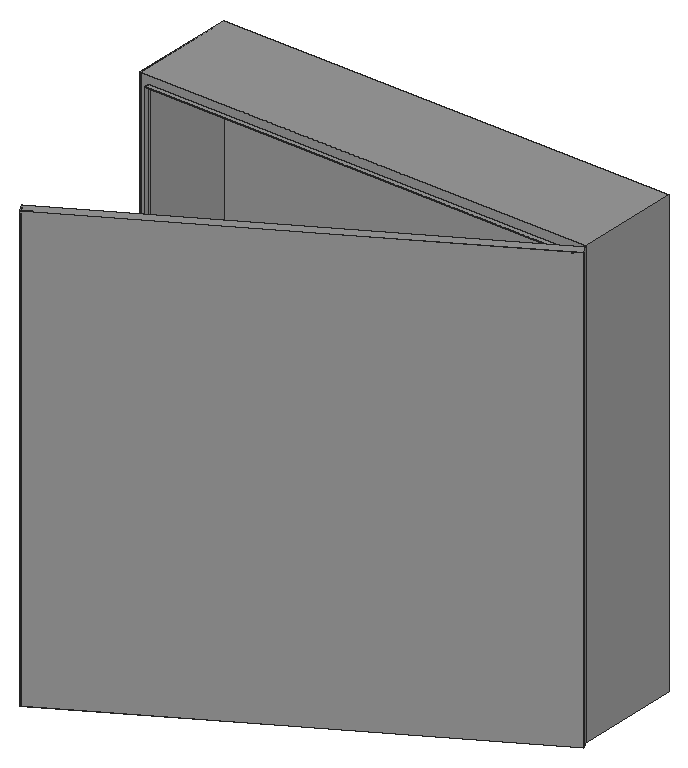
Revit family "Hager-Univers-IP54-D205-H800-Cl.II-Encl-NoHosted-DE-de", category Equipement électrique, Revit 2020
Family settings
  Configuration du panneau = Deux colonnes, circuits au sein
  Cote de connecteur circulaire = Utiliser le diamètre
  Type d'élément = Tableau de raccordement
  Basée sur le plan de construction = Oui
  Toujours verticalement = Oui
  Couper avec des vides une fois chargée = Non
  Partagée = Non
  Point de calcul de pièce = Non
Parameters (values of type "Aufputz IP54 B800 H800 T205  - FP53SW2")
  Width Control [instance] = if([EF000008 - Breite] > Min Width, [EF000008 - Breite], Min Width)  # 800 mm
  Commentaires du type = [HG000003 - Bereich]  # "Univers"
  Thickness Door [instance] = if([EF009171 - Materialstärke Tür/Deckel] > 3 mm, 3 mm, [EF009171 - Materialstärke Tür/Deckel])  # 1 mm
  Seal Frame Offset [instance] = 17 mm  # constant formula
  Plinth Visibility [instance] = [HG000027 - Sockelhöhe] > 0 mm  # no
  Min Width [instance] = 100 mm  # constant formula
  Min Depth [instance] = (2 * [EF009170 - Materialstärke Gehäuse]) + 1 mm  # 3 mm
  Min Height [instance] = 100 mm  # constant formula
  Internal Frame Depth [instance] = (Door System Depth * 0.5)  # 9 mm
  Panel Name [instance] = ""  # (empty or 0)
  Model = ""
  HG000027 - Sockelhöhe = 0 mm
  HG000026 - Stehend auf dem Boden = no
  HG000024 - Höhe des unteren Teils = 600 mm
  HG000023 - Gehäuse mit doppeltem Querschnitt = no
  HG000016 - 3D-Türsichtbarkeit [instance] = yes
  HG000015 - Sichtbarkeit der Türöffnung [instance] = no
  HG000014 - Tür rechts [instance] = yes
  HG000013 - Tür links [instance] = not([HG000014 - Tür rechts])  # no
  HG000012 - Türschwenkwinkel [instance] = 30.00°
  HG000010 - Asymmetrische Türen = no
  HG000009 - Doppelflügeligen Tür = no
  HG000006 - Unterputz = no
  HG000004 - Herstellerreferenz = "FP53SW2"
  HG000003 - Bereich = "Univers"
  HG000002 - Mit tür = yes
  Frame Offset Bottom [instance] = 10 mm  # constant formula
  Frame Offset [instance] = 15 mm  # constant formula
  EF015940 - Deckel mit Überdruckentlastung = no
  EF011959 - Schutzart (NEMA) = ""
  EF009554 - Anzahl der Öffnungen für Flanschplatten = 6
  EF009212 - Ausführung Deckel = "EV000116 - geschlossen"
  EF009171 - Materialstärke Tür/Deckel = 1 mm
  EF009170 - Materialstärke Gehäuse = 1 mm
  EF008873 - Nennstrom (In) = 250 A
  EF007800 - Geeignet für Blitzschutz = no
  EF006306 - Mit Schloss = no
  EF006244 - Transparenter Deckel/Tür = no
  EF005474 - Schutzart (IP) = "EV006419 - IP54"
  EF004464 - Art der Tür = "EV002646 - Einzel"
  EF004427 - Anzahl der Module = 180
  EF004293 - Schlagfestigkeit = "EV006815 - IK09"
  EF003532 - Geeignet für Außengebrauch = no
  EF002950 - Breite in Teilungseinheiten = 36
  EF001613 - Funktionserhalt = "EV000494 - ohne"
  EF001596 - Werkstoff des Gehäuses = "EV000179 - Stahl"
  EF001131 - Innentiefe = 130 mm
  EF001088 - Anbaumöglichkeit = yes
  EF000437 - Anzahl der Leitungseinführungen = 6
  EF000339 - Art der Abdeckung = "EV004216 - Tür"
  EF000266 - Anzahl der Reihen = 5
  EF000218 - Einbautiefe = 205 mm
  EF000118 - Mit Montageplatte = no
  EF000116 - RAL-Nummer = "9010"
  EF000049 - Tiefe = 205 mm
  EF000040 - Höhe = 800 mm
  EF000008 - Breite = 800 mm
  EF000007 - Farbe = "EV000202 - weiß"
  EF000003 - Montageart = "EV000384 - Aufputz"
  Door System Leaf Tolerance [instance] = 1.5 mm  # constant formula
  Door System Depth [instance] = 18 mm  # constant formula
  Door Height [instance] = Height Control - [HG000027 - Sockelhöhe]  # 800 mm
  Description = ""
  Default Elevation = 1219.2 mm
  Connector Offset [instance] = Height Control / 2  # 400 mm
  Fabricant = "Hager"  # constant formula
  Height Control [instance] = if([EF000040 - Höhe] > Min Height, [EF000040 - Höhe], Min Height)  # 800 mm
  Depth Control [instance] = if([EF000049 - Tiefe] > Min Depth, [EF000049 - Tiefe], Min Depth)  # 205 mm
  Bottom Top Plate Trim [instance] = 1.5 mm  # constant formula
  Plinth height Ctrl [instance] = if([HG000027 - Sockelhöhe] > 0 mm, [HG000027 - Sockelhöhe], 12 mm)  # 12 mm
Types (5, lengths in mm): name | Width Control | HG000010 - Asymmetrische Türen | HG000009 - Doppelflügeligen Tür | HG000004 - Herstellerreferenz | EF009554 - Anzahl der Öffnungen für Flanschplatten | EF004464 - Art der Tür | EF004427 - Anzahl der Module | EF002950 - Breite in Teilungseinheiten | EF000437 - Anzahl der Leitungseinführungen | EF000339 - Art der Abdeckung | EF000008 - Breite
  Aufputz IP54 B1050 H800 T205  - FP54SW2 | 1050 | no | yes | "FP54SW2" | 8 | "EV003602 - Doppel" | 240 | 48 | 8 | "EV004216 - Tür" | 1050
  Aufputz IP54 B1300 H800 T205  - FP55SW2 | 1300 | yes | yes | "FP55SW2" | 10 | "EV003602 - Doppel" | 300 | 60 | 10 | "EV004216 - Tür" | 1300
  Aufputz IP54 B300 H800 T205  - FP51SW2 | 300 | no | no | "FP51SW2" | 2 | "EV002646 - Einzel" | 60 | 12 | 2 | "EV001012 - Deckel" | 300
  Aufputz IP54 B550 H800 T205  - FP52SW2 | 550 | no | no | "FP52SW2" | 4 | "EV002646 - Einzel" | 120 | 24 | 4 | "EV001012 - Deckel" | 550
  Aufputz IP54 B800 H800 T205  - FP53SW2 | 800 | no | no | "FP53SW2" | 6 | "EV002646 - Einzel" | 180 | 36 | 6 | "EV004216 - Tür" | 800
Reference planes
  plane 1 "Center (Front/Back)": y = 0
  plane 2: z = 0
  plane 3 "Center (Left/Right)": x = 0
  plane 4: y = 0
  plane 5: y = 0
  plane 6: z = 0
  plane 7: x = -400
  plane 8: x = 400
  plane 9: x = 399
  plane 10: x = -399
  plane 11: z = 0
  plane 12: z = 1
  plane 13: y = -205
  plane 14: y = -1
  plane 15: x = 0
  plane 16: y = -187
  plane 17: y = -204
  plane 18: y = -186
  plane 19: x = -384
  plane 20: x = 384
  plane 21: z = 11
  plane 22: x = -383
  plane 23: x = 383
  plane 24: z = 0
  plane 25: z = 800
  plane 26: z = 800
  plane 27: z = 784
  plane 28: z = 799
Forms (mm)
  Extrusion 1, solid, material "Hager_Steel_RAL7035_Light_Grey", detail levels medium+fine
    sketch origin (-208.679, -4572, 0) x (-1, 0, 0) y (0, -1, 0)
      loop
        line (191.321, -4385) -> (-608.679, -4385) -> (-608.679, -4572) -> (191.321, -4572) -> (191.321, -4385)
    from 0 to 800
  Extrusion 2, void
    sketch origin (-350.771, -205, 1219.2) x (1, 0, 0) y (0, 0, 1)
      loop
        line (-48.229, -420.2) -> (-48.229, -1218.2) -> (749.771, -1218.2) -> (749.771, -420.2) -> (-48.229, -420.2)
    from -19 to -204
  Extrusion 3, void
    sketch origin (-290.084, -187, 1219.2) x (1, 0, 0) y (0, 0, 1)
      loop
        line (-93.916, -1208.2) -> (674.084, -1208.2) -> (674.084, -435.2) -> (-93.916, -435.2) -> (-93.916, -1208.2)
    from 0 to -1
  Extrusion 4, solid, material "Hager_Steel_RAL7035_Light_Grey", visible <- "Plinth Visibility", detail levels medium+fine
    sketch origin (0, 0, 0) x (1, 0, 0) y (0, 1, 0)
      loop
        line (-400, 0) -> (-400, -187) -> (400, -187) -> (400, 0) -> (-400, 0)
    from 0 to 12 <- "Plinth height Ctrl"
  Extrusion 5, solid, material "Hager_Steel_RAL7035_Light_Grey", detail levels coarse
    sketch origin (0, 0, 0) x (1, 0, 0) y (0, 1, 0)
      loop
        line (-400, 0) -> (-400, -205) -> (400, -205) -> (400, 0) -> (-400, 0)
    from 0 to 800 <- "Height Control"
  Sweep 6, void
    path in 3D
      loop
        line (-400, -187, 12) -> (400, -187, 12) -> (400, 0, 12) -> (-400, 0, 12) -> (-400, -187, 12)
    profile origin (-400, -93.5, 12) x (1, 0, 0) y (0, 0, 1)
      loop
        line (0, 0) -> (0, -1.5) -> (1.5, -1.5)
        arc (1.5, -1.5) -> (1.061, -0.439) -> (0, 0) r 1.5
  Extrusion 7, solid, material "Hager_Steel_RAL7035_Light_Grey", detail levels fine
    sketch origin (-400, -187, 0) x (1, 0, 0) y (0, 0, 1)
      loop
        line (16, 11) -> (784, 11) -> (784, 784) -> (16, 784) -> (16, 11)
      loop
        line (15, 10) -> (785, 10) -> (785, 785) -> (15, 785) -> (15, 10)
    from 0 to 9 <- "Internal Frame Depth"
Cuts and joins
  Extrusion 2, Extrusion 3 cuts Extrusion 1
  Sweep 6 cuts Extrusion 4
Lines and regions (mm)
  Masking region 1
    outline origin (0, 0, 0) x (1, 0, 0) y (0, 1, 0)
      loop
        line (-400, 0) -> (-400, -205) -> (400, -205) -> (400, 0) -> (-400, 0)
  Masking region 2, detail levels coarse
    outline origin (-290.084, -187, 1219.2) x (-1, 0, 0) y (0, 0, 1)
      loop
        line (-690.084, -1219.2) -> (109.916, -1219.2) -> (109.916, -419.2) -> (-690.084, -419.2) -> (-690.084, -1219.2)
  Masking region 3, detail levels coarse
    outline origin (0, 0, 0) x (0, 1, 0) y (0, 0, 1)
      loop
        line (0, 0) -> (0, 800) -> (-205, 800) -> (-205, 0) -> (0, 0)
  Masking region 4, visible <- "Plinth Visibility", detail levels medium+fine
    outline origin (0, 0, 0) x (0, 1, 0) y (0, 0, 1)
      loop
        line (-1.5, 12) -> (-185.5, 12)
        arc (-185.5, 12) -> (-185.939, 10.939) -> (-187, 10.5) r 1.5
        line (-187, 10.5) -> (-187, 0) -> (0, 0) -> (0, 10.5)
        arc (0, 10.5) -> (-1.061, 10.939) -> (-1.5, 12) r 1.5
  Masking region 5, detail levels medium+fine
    outline origin (0, 0, 594.038) x (0, 1, 0) y (0, 0, 1)
      loop
        line (0, -594.038) -> (0, 205.962) -> (-187, 205.962) -> (-187, -594.038) -> (0, -594.038)
  Masking region 6, detail levels medium+fine
    outline origin (-359.7, -187, 1211.883) x (-1, 0, 0) y (0, 0, 1)
      loop
        line (-759.7, -1211.883) -> (40.3, -1211.883) -> (40.3, -411.883) -> (-759.7, -411.883) -> (-759.7, -1211.883)
  Masking region 7, visible <- "Plinth Visibility", detail levels medium+fine
    outline origin (-320.334, -187, 1041.368) x (-1, 0, 0) y (0, 0, 1)
      loop
        line (-720.334, -1041.368) -> (79.666, -1041.368) -> (79.666, -1030.868)
        arc (79.666, -1030.868) -> (78.606, -1030.429) -> (78.166, -1029.368) r 1.5
        line (78.166, -1029.368) -> (-718.834, -1029.368)
        arc (-718.834, -1029.368) -> (-719.273, -1030.429) -> (-720.334, -1030.868) r 1.5
        line (-720.334, -1030.868) -> (-720.334, -1041.368)
  sketch lines
    curve 1: line (-400, 0, 12) -> (-400, -187, 12)
    curve 2: line (-400, -187, 12) -> (400, -187, 12)
    curve 3: line (400, 0, 12) -> (-400, 0, 12)
    curve 4: line (400, -187, 12) -> (400, 0, 12)
Dimensions and locks
  locked: plane 1 "Center (Front/Back)" to plane 5
  "EF009170 - Materialstärke Gehäuse": plane 7 to plane 10
  "EF009170 - Materialstärke Gehäuse": plane 8 to plane 9
  equal spacing: plane 7, plane 3 "Center (Left/Right)", plane 8
  "Width Control": plane 7 to plane 8
  "Depth Control": plane 4 to plane 13
  "EF009170 - Materialstärke Gehäuse": plane 4 to plane 14
  "Height Control": plane 25 to level
  "HG000027 - Sockelhöhe": plane 11 to level
  "EF009170 - Materialstärke Gehäuse": plane 12 to plane 11
  "EF009170 - Materialstärke Gehäuse": plane 17 to plane 13
  "EF009170 - Materialstärke Gehäuse": plane 18 to plane 16
  "Frame Offset Bottom": plane 21 to plane 12
  "Frame Offset": plane 10 to plane 19
  "Frame Offset": plane 9 to plane 20
  "Door System Depth": plane 16 to plane 13
  "Seal Frame Offset": plane 7 to plane 22
  "Seal Frame Offset": plane 8 to plane 23
  "EF009170 - Materialstärke Gehäuse": plane 26 to plane 28
  "Frame Offset": plane 28 to plane 27
  "Connector Offset": plane 2 to connector elem
  "Bottom Top Plate Trim": profile plane to Sweep 6 sketch curve
  "Bottom Top Plate Trim": Sweep 6 sketch curve to Sweep 6 sketch curve
  "Plinth height Ctrl": Masking region 4 sketch curve to level
  "Plinth height Ctrl": Masking region 7 sketch curve to level
  "Thickness Door": Extrusion 7 sketch curve to Extrusion 7 sketch curve  (x4)
  "Bottom Top Plate Trim": radius of Sweep 6 sketch curve
  "Bottom Top Plate Trim": radius of Masking region 4 sketch curve  (x2)
  "Bottom Top Plate Trim": radius of Masking region 7 sketch curve  (x2)
  aligned and locked: Extrusion 2 sketch curve to plane 12
  aligned and locked: Extrusion 2 sketch curve to plane 9
  aligned and locked: Extrusion 2 sketch curve to plane 10
  aligned and locked: Extrusion 2 to plane 14
  aligned and locked: Extrusion 1 sketch curve to plane 4
  aligned and locked: plane 8 to Extrusion 1 sketch curve
  aligned and locked: plane 7 to Extrusion 1 sketch curve
  aligned and locked: Extrusion 2 to plane 18
  aligned and locked: Extrusion 3 sketch curve to plane 19
  aligned and locked: plane 20 to Extrusion 3 sketch curve
  aligned and locked: Extrusion 3 to Extrusion 2
  aligned and locked: Extrusion 3 sketch curve to plane 21
  aligned and locked: plane 3 "Center (Left/Right)" to nested 1
  aligned and locked: Extrusion 1 sketch curve to plane 16
  aligned and locked: Extrusion 4 sketch curve to cut or joined group of Extrusion 1, Extrusion 2, Extrusion 3
  aligned and locked: Masking region 1 sketch curve to plane 7
  aligned and locked: Masking region 1 sketch curve to plane 5
  aligned and locked: Masking region 1 sketch curve to plane 8
  aligned and locked: Masking region 2 sketch curve to level
  aligned and locked: level to Masking region 3 sketch curve
  aligned and locked: plane 1 "Center (Front/Back)" to Masking region 3 sketch curve
  aligned and locked: plane 13 to Masking region 3 sketch curve
  aligned and locked: plane 5 to Masking region 4 sketch curve
  aligned and locked: Masking region 2 sketch curve to plane 8
  aligned and locked: Masking region 2 sketch curve to plane 7
  aligned and locked: plane 7 to nested 2
  aligned and locked: nested 2 to plane 5
  aligned and locked: plane 5 to Masking region 5 sketch curve
  aligned and locked: plane 26 to Masking region 5 sketch curve
  aligned and locked: Extrusion 5 sketch curve to plane 8
  aligned and locked: Extrusion 5 sketch curve to plane 7
  aligned and locked: Extrusion 5 sketch curve to plane 5
  aligned and locked: Extrusion 3 sketch curve to plane 27
  aligned and locked: Extrusion 2 sketch curve to plane 28
  aligned and locked: Masking region 2 to plane 25
  aligned and locked: Extrusion 4 to plane 16
  aligned and locked: profile plane to Sweep 6 sketch curve
  aligned and locked: Masking region 5 sketch curve to plane 24
  aligned and locked: level to Masking region 4 sketch curve
  aligned and locked: Masking region 1 to plane 13
  aligned and locked: nested 1 to plane 16
  aligned and locked: Masking region 3 to plane 25
  aligned and locked: plane 16 to Masking region 4 sketch curve
  aligned and locked: Masking region 5 sketch curve to plane 16
  aligned and locked: plane 24 to plane 11
  aligned and locked: plane 26 to plane 25
  aligned and locked: plane 26 to cut or joined group of Extrusion 1, Extrusion 2, Extrusion 3
  aligned and locked: nested 1 to plane 24
  aligned and locked: Extrusion 1 to Extrusion 3
  aligned and locked: Masking region 6 sketch curve to plane 8
  aligned and locked: Masking region 6 sketch curve to plane 24
  aligned and locked: Masking region 6 sketch curve to plane 7
  aligned and locked: Masking region 6 sketch curve to plane 26
  aligned and locked: Masking region 7 sketch curve to plane 7
  aligned and locked: level to Masking region 7 sketch curve
  aligned and locked: Masking region 7 sketch curve to plane 8
  aligned and locked: Extrusion 7 sketch curve to cut or joined group of Extrusion 1, Extrusion 2, Extrusion 3  (x4)
Automatic sketch dimensions
  plane 19 to Extrusion 3 sketch curve = 0 mm
  Extrusion 3 sketch curve to plane 20 = 0 mm
  Extrusion 3 sketch curve to plane 21 = 0 mm
  Extrusion 4 sketch curve to plane 7 = 0 mm
  Extrusion 4 sketch curve to plane 8 = 0 mm
  Extrusion 4 sketch curve to plane 16 = 0 mm
  Masking region 1 sketch curve to plane 13 = 0 mm
  Masking region 2 sketch curve to plane 25 = 0 mm
  Masking region 3 sketch curve to plane 25 = 0 mm
  Extrusion 5 sketch curve to plane 13 = 0 mm
  profile plane to Sweep 6 sketch curve = 0 mm
Nested families
  nested 1: "EC000058_Univers_Door" at (0, -187, 0), Double <- "HG000009 - Doppelflügeligen Tür", Transparent <- "EF006244 - Transparenter Deckel/Tür", Angle <- "HG000012 - Türschwenkwinkel", Door_Right <- "HG000014 - Tür rechts", Assymetrical <- "HG000010 - Asymmetrische Türen", Door <- "HG000002 - Mit tür", Width_Ctrl <- "Width Control", 3d_Door <- "HG000016 - 3D-Türsichtbarkeit", Clearance <- "HG000015 - Sichtbarkeit der Türöffnung", Door_Left <- "HG000013 - Tür links", Width <- "Width Control", Door_Depth <- "Door System Depth", Leaf_Tolerance <- "Door System Leaf Tolerance", Height <- "Door Height", Lock_Visibility <- "EF006306 - Mit Schloss", Thickness <- "Thickness Door", type "EC000058_Univers_Door", detail levels medium+fine
    with min_wh 3 mm, Width_Ctrl 800 mm, Width 800 mm, Transparent no, Thickness 1 mm, Seal_Material Hager_Rubber, Lock_Visibility no, Lock_Material Hager_Plastic_RAL9005_Jet_Black, Leaf_Width 800 mm, Leaf_Tolerance_External_Sides 0 mm, Leaf_Tolerance 1.5 mm, Leaf_Offset 0 mm, Leaf_Height 797 mm, Leaf_2_Width 800 mm, Leaf_2_Offset 400 mm, Leaf_1_Width 800 mm, Leaf_1_Offset 400 mm, Height_Ctrl 800 mm, Height 800 mm, Glass_Material Hager_Glass, Double_Clearance_Ctrl no, Double no, Door_Right_Ctrl yes, Door_Right yes, Door_Material Hager_Steel_RAL7035_Light_Grey, Door_Left_Ctrl no, Door_Left no, Door_Depth 18 mm, Door yes, Clearance_Material Hager_Clearance, Clearance_Depth 800 mm, Clearance_Ctrl no, Clearance no, Assymetrical no, Angle 30.00°, 3d_Door yes
  nested 2: "Hager_Enclosure_Symbol" at (-400, 0, 0), Height <- "Depth Control", Width <- "Width Control", type "Hager_Enclosure_Symbol"
    with Width_Ctrl 800 mm, Width 800 mm, Height_Ctrl 205 mm, Height 205 mm, A_Width_Int 13.453 mm, A_Width 161.438 mm, A_Height_Ctrl 179.375 mm, A_Height 179.375 mm
Connectors
  electrical at (0, 0, 400)
    settings: on plane 1 "Center (Front/Back)", index 1, voltage 0 V, apparent load 0 VA, apparent load phase1 0 VA, apparent load phase2 0 VA, apparent load phase3 0 VA, power factor 1, load classification "Other", number of poles 1, system type 30, power factor state 1, is connector primary yes, connector utility no, sub classification motor no, connector description ""
Definition of nested family "EC000058_Univers_Door"
  Parameters (values of type "EC000058_Univers_Door")
    min_wh [instance] = (2 * Thickness) + 1 mm  # 11 mm
    Width_Ctrl [instance] = 400 mm
    Width [instance] = 500 mm
    Transparent [instance] = yes
    Thickness [instance] = 5 mm
    Seal_Material [instance] = none
    Lock_Visibility [instance] = yes
    Lock_Material [instance] = none
    Leaf_Width [instance] = if((Width_Ctrl - 2 * Leaf_Tolerance_External_Sides) > 0 mm, (Width_Ctrl - 2 * Leaf_Tolerance_External_Sides), min_wh)  # 400 mm
    Leaf_Tolerance_External_Sides [instance] = 0 mm  # constant formula
    Leaf_Tolerance [instance] = 1.5 mm
    Leaf_Offset [instance] = 0 mm  # constant formula
    Leaf_Height [instance] = if((Height_Ctrl - 2 * Leaf_Tolerance) > 0 mm, (Height_Ctrl - 2 * Leaf_Tolerance), min_wh)  # 497 mm
    Leaf_2_Width [instance] = if(and(and(Double, Assymetrical), Door_Left), (Leaf_Width / 3) - (Leaf_Tolerance / 2), if(and(and(Double, Assymetrical), Door_Right), (Leaf_Width / 3) * 2 - (Leaf_Tolerance / 2), if(and(Double, not(Assymetrical)), (Leaf_Width / 2) - Leaf_Tolerance, Leaf_Width)))  # 400 mm
    Leaf_2_Offset [instance] = if(and(Double, Assymetrical), Leaf_2_Width / 2, if(and(Double, not(Assymetrical)), Leaf_Width / 4, Leaf_Width / 2))  # 200 mm
    Leaf_1_Width [instance] = if(and(and(Double, Assymetrical), Door_Right), (Leaf_Width / 3) - (Leaf_Tolerance / 2), if(and(and(Double, Assymetrical), Door_Left), (Width / 3) * 2 - (Leaf_Tolerance / 2), if(and(Double, not(Assymetrical)), (Leaf_Width / 2) - Leaf_Tolerance, Leaf_Width)))  # 400 mm
    Leaf_1_Offset [instance] = if(and(Double, Assymetrical), Leaf_1_Width / 2, if(and(Double, not(Assymetrical)), Leaf_Width / 4, Leaf_Width / 2))  # 200 mm
    Height_Ctrl [instance] = if(Height > min_wh, Height, min_wh)  # 500 mm
    Height [instance] = 500 mm
    Glass_Material [instance] = none
    Double_Clearance_Ctrl [instance] = and(Double, Clearance)  # no
    Double [instance] = no
    Door_Right_Ctrl [instance] = and(or(Door_Right, Double), Door)  # yes
    Door_Right [instance] = yes
    Door_Material [instance] = none
    Door_Left_Ctrl [instance] = and(or(Door_Left, Double), Door)  # no
    Door_Left [instance] = no
    Door_Depth [instance] = 30 mm
    Door [instance] = yes
    Default Elevation = 1219.2 mm
    Clearance_Material [instance] = none
    Clearance_Depth [instance] = if(Leaf_1_Width > Leaf_2_Width, Leaf_1_Width, Leaf_2_Width)  # 400 mm
    Clearance_Ctrl [instance] = and(not(Double), Clearance)  # yes
    Clearance [instance] = yes
    Assymetrical [instance] = yes
    Angle [instance] = 30.00°
    3d_Door [instance] = yes
  Reference planes
    plane 1 "Center (Front/Back)": y = 0
    plane 2 "Bottom": z = 0
    plane 3 "Center (Left/Right)": x = 0
    plane 4: z = 500
    plane 5: x = -200
    plane 6: x = 200
    plane 7: z = 500
    plane 8: x = -200
    plane 9: z = 0
    plane 10: x = 200
    plane 11: y = 0
    plane 12: z = 1.5
    plane 13: x = -600
    plane 14: y = -400
    plane 15: x = 600
    plane 16: x = 0
    plane 17: x = 0
    plane 18: x = -200
    plane 19: x = 200
    plane 20: z = 498.5
  Forms (mm)
    Extrusion 1, solid, material <- "Clearance_Material", visible <- "Double_Clearance_Ctrl"
      sketch origin (1200, 0, 0) x (1, 0, 0) y (0, 0, -1)
        loop
          line (-1800, -498.5) -> (-600, -498.5) -> (-600, 0) -> (-1800, 0) -> (-1800, -498.5)
      from 0 to -400
  Dimensions and locks
    equal spacing: plane 5, plane 3 "Center (Left/Right)", plane 6
    "Width_Ctrl": plane 5 to plane 6
    "Leaf_Offset": plane 5 to plane 8
    "Leaf_Offset": plane 6 to plane 10
    "Leaf_Offset": plane 9 to level
    "Leaf_Offset": plane 4 to plane 7
    "Height_Ctrl": plane 4 to level
    "Leaf_Tolerance": plane 12 to plane 9
    locked: plane 11 to plane 1 "Center (Front/Back)"
    "Leaf_1_Offset": plane 18 to plane 16
    "Leaf_2_Offset": plane 17 to plane 19
    "Leaf_1_Width": plane 13 to plane 8
    "Leaf_2_Width": plane 10 to plane 15
    "Clearance_Depth": plane 14 to plane 1 "Center (Front/Back)"
    "Leaf_Tolerance_External_Sides": plane 8 to plane 18
    "Leaf_Tolerance_External_Sides": plane 19 to plane 10
    "Leaf_Tolerance": plane 7 to plane 20
    aligned and locked: level to plane 2 "Bottom"
    aligned and locked: nested 1 to plane 16
    aligned and locked: nested 2 to plane 17
    aligned and locked: Extrusion 1 to plane 13
    aligned and locked: plane 15 to Extrusion 1
    aligned and locked: Extrusion 1 to plane 14
    aligned and locked: plane 12 to nested 1
    aligned and locked: nested 2 to plane 12
    aligned and locked: Extrusion 1 to plane 11
    aligned and locked: plane 20 to Extrusion 1
    aligned and locked: nested 2 to plane 11
    aligned and locked: nested 1 to plane 11
  Automatic sketch dimensions
    Extrusion 1 sketch curve to level = 0 mm
    plane 5 to Extrusion 1 sketch curve = 400 mm
    plane 6 to Extrusion 1 sketch curve = 400 mm
    Extrusion 1 sketch curve to plane 4 = 1.5 mm
  Nested families
    nested 1: "EC000058_Univers_Door_Leaf" at (0, 0, 1.5), Width <- "Leaf_1_Width", visible <- "Door_Left_Ctrl", Leaf_Height <- "Leaf_Height", Angle <- "Angle", 3d_Door <- "3d_Door", Transparent <- "Transparent", Clearance Material <- "Clearance_Material", Clearance <- "Clearance_Ctrl", Door_Material <- "Door_Material", Glass_Material <- "Glass_Material", Door_Depth <- "Door_Depth", Lock_Material <- "Lock_Material", Seal_Material <- "Seal_Material", Lock_Visibility <- "Lock_Visibility", Thickness <- "Thickness", type "EC000058_Univers_Door_Leaf"
      with Width 400 mm, Transparent_Glass_Offset 30 mm, Transparent_Ctrl yes, Transparent yes, Thickness 5 mm, Standard no, Seal_Material none, Seal_D2 8 mm, Seal_D1 1 mm, Offset_Internal_Frame 10 mm, Lock_Width 20 mm, Lock_Visibility_3d yes, Lock_Visibility yes, Lock_Thickness_3 3 mm, Lock_Thickness_2 1 mm, Lock_Thickness_1 3 mm, Lock_Radius_Offset_2 16 mm, Lock_Radius_Offset_1 15 mm, Lock_Radius_2 5 mm, Lock_Radius 6 mm, Lock_Offset 5 mm, Lock_Material none, Lock_Height 80 mm, Lock_Cover_Top_Offset_2d 17 mm, Lock_Cover_Height -65 mm, Leaf_Height 497 mm, Internal_Seal_Thickness 8 mm, Internal_Seal_Depth_2 4.5 mm, Internal_Frame_Depth 25 mm, Glass_Thickness -1 mm, Glass_Offset -2 mm, Glass_Material none, Door_Material none, Door_Depth 30 mm, Clearance Material none, Clearance yes, Angle_Ctrl 30.00°, Angle 30.00°, 3d_Door yes
    nested 2: "EC000058_Univers_Door_Leaf" at (0, 0, 1.5) x (-1, 0, 0) z (0, 0, 1), Width <- "Leaf_2_Width", visible <- "Door_Right_Ctrl", Leaf_Height <- "Leaf_Height", Angle <- "Angle", 3d_Door <- "3d_Door", Transparent <- "Transparent", Clearance Material <- "Clearance_Material", Clearance <- "Clearance_Ctrl", Door_Material <- "Door_Material", Glass_Material <- "Glass_Material", Door_Depth <- "Door_Depth", Lock_Material <- "Lock_Material", Seal_Material <- "Seal_Material", Lock_Visibility <- "Lock_Visibility", Thickness <- "Thickness", type "EC000058_Univers_Door_Leaf"
      with Width 400 mm, Transparent_Glass_Offset 30 mm, Transparent_Ctrl yes, Transparent yes, Thickness 5 mm, Standard no, Seal_Material none, Seal_D2 8 mm, Seal_D1 1 mm, Offset_Internal_Frame 10 mm, Lock_Width 20 mm, Lock_Visibility_3d yes, Lock_Visibility yes, Lock_Thickness_3 3 mm, Lock_Thickness_2 1 mm, Lock_Thickness_1 3 mm, Lock_Radius_Offset_2 16 mm, Lock_Radius_Offset_1 15 mm, Lock_Radius_2 5 mm, Lock_Radius 6 mm, Lock_Offset 5 mm, Lock_Material none, Lock_Height 80 mm, Lock_Cover_Top_Offset_2d 17 mm, Lock_Cover_Height -65 mm, Leaf_Height 497 mm, Internal_Seal_Thickness 8 mm, Internal_Seal_Depth_2 4.5 mm, Internal_Frame_Depth 25 mm, Glass_Thickness -1 mm, Glass_Offset -2 mm, Glass_Material none, Door_Material none, Door_Depth 30 mm, Clearance Material none, Clearance yes, Angle_Ctrl 30.00°, Angle 30.00°, 3d_Door yes
  Definition of nested family "EC000058_Univers_Door_Leaf"
    Parameters (values of type "EC000058_Univers_Door_Leaf")
      Width [instance] = 2000 mm
      Transparent_Glass_Offset [instance] = 30 mm
      Transparent_Ctrl [instance] = and(Transparent, [3d_Door])  # yes
      Transparent [instance] = yes
      Thickness [instance] = 5 mm
      Standard [instance] = and(not(Transparent), [3d_Door])  # no
      Seal_Material [instance] = none
      Seal_D2 [instance] = 8 mm  # constant formula
      Seal_D1 [instance] = 1 mm  # constant formula
      Offset_Internal_Frame [instance] = 10 mm  # constant formula
      Lock_Width [instance] = 20 mm  # constant formula
      Lock_Visibility_3d [instance] = and(Lock_Visibility, [3d_Door])  # yes
      Lock_Visibility [instance] = yes
      Lock_Thickness_3 [instance] = 3 mm  # constant formula
      Lock_Thickness_2 [instance] = 1 mm  # constant formula
      Lock_Thickness_1 [instance] = 3 mm  # constant formula
      Lock_Radius_Offset_2 [instance] = Lock_Radius_Offset_1 + 1 mm  # 16 mm
      Lock_Radius_Offset_1 [instance] = 15 mm  # constant formula
      Lock_Radius_2 [instance] = Lock_Radius - 1 mm  # 5 mm
      Lock_Radius [instance] = 6 mm  # constant formula
      Lock_Offset [instance] = 5 mm  # constant formula
      Lock_Material [instance] = none
      Lock_Height [instance] = 80 mm  # constant formula
      Lock_Cover_Top_Offset_2d [instance] = Lock_Radius_Offset_2 + 1 mm  # 17 mm
      Lock_Cover_Height [instance] = -(Lock_Height - Lock_Radius_Offset_1)  # -65 mm
      Leaf_Height [instance] = 2720.336 mm
      Internal_Seal_Thickness [instance] = 8 mm  # constant formula
      Internal_Seal_Depth_2 [instance] = 4.5 mm  # constant formula
      Internal_Frame_Depth [instance] = if(Door_Depth - Thickness > 5 mm, Door_Depth - Thickness, 5 mm)  # 25 mm
      Glass_Thickness [instance] = if(Thickness > 15 mm, Glass_Offset + 10 mm, -1 mm)  # -1 mm
      Glass_Offset [instance] = if(Thickness > 15 mm, -(Thickness + 10 mm) / 2, -2 mm)  # -2 mm
      Glass_Material [instance] = none
      Door_Material [instance] = none
      Door_Depth [instance] = 30 mm
      Default Elevation = 0 mm
      Clearance Material [instance] = none
      Clearance [instance] = yes
      Angle_Ctrl [instance] = if(Angle > 180.00°, 180.00°, Angle)  # 90.00°
      Angle [instance] = 90.00°
      3d_Door [instance] = yes
    Reference planes
      plane 1 "Center (Front/Back)": y = 0
      plane 2: z = 0
      plane 3 "Center (Left/Right)": x = 0
      plane 4: y = 2000
      plane 5: x = -1000
      plane 6: x = 1000
      plane 7: x = -3000
      plane 8: z = 2720.336
      plane 9: z = 30
      plane 10: z = 2690.336
      plane 11: x = 970
      plane 12: x = -970
      plane 13: y = -3
      plane 14: z = 107.833
      plane 15: y = -5
      plane 16: y = -223.314
      plane 17: x = -1000
      plane 18: z = 1360.168
      plane 19: y = 30
    Forms (mm)
      Extrusion 1, solid, material <- "Clearance Material", visible <- "Clearance"
        sketch origin (0, 0, 0) x (1, 0, 0) y (0, 0, 1)
          loop
            line (-3000, 2720.336) -> (-3000, 0) -> (1000, 0) -> (1000, 2720.336) -> (-3000, 2720.336)
        from 0 to -2000
      Extrusion 2, solid, material <- "Door_Material", visible <- "Standard", detail levels medium+fine
        sketch origin (-1000, 0, 0) x (0, 1, 0) y (-1, 0, 0)
          loop
            line (0, 30) -> (0, 25) -> (2000, 25) -> (2000, 30) -> (0, 30)
        from 0 to 2720.336 <- "Leaf_Height"
      Extrusion 3, solid, material <- "Door_Material", visible <- "Transparent_Ctrl", detail levels medium+fine
        sketch origin (-1000, 0, 0) x (0, 1, 0) y (-1, 0, 0)
          loop
            line (0, 25) -> (2000, 25) -> (2000, 30) -> (0, 30) -> (0, 25)
        from 0 to 2720.336 <- "Leaf_Height"
      Extrusion 4, void
        sketch origin (-1025, 2000, 0) x (0, 1, 0) y (0, 0, -1)
          loop
            line (-30, -2690.336) -> (-30, -30) -> (-1970, -30) -> (-1970, -2690.336) -> (-30, -2690.336)
        from 0 to 5 <- "Thickness"
      Sweep 5, solid, material <- "Seal_Material", visible <- "Transparent_Ctrl", detail levels fine
        path in 3D
          loop
            line (-1025, 30, 30) -> (-1025, 30, 2690.336) -> (-1025, 1970, 2690.336) -> (-1025, 1970, 30) -> (-1025, 30, 30)
        profile origin (-1025, 1000, 30) x (1, 0, 0) y (0, 0, 1)
          loop
            line (0, 0) -> (0, -8) -> (1, -8) -> (1, 0) -> (0, 0)
      Extrusion 6, solid, material <- "Glass_Material", visible <- "Transparent_Ctrl", detail levels medium+fine
        sketch origin (-1030, 0, 0) x (0, 1, 0) y (0, 0, -1)
          loop
            line (1970, -2690.336) -> (1970, -30) -> (30, -30) -> (30, -2690.336) -> (1970, -2690.336)
        from -2 <- "Glass_Offset" to -1 <- "Glass_Thickness"
      Extrusion 7, solid, material <- "Door_Material", visible <- "3d_Door", detail levels medium+fine
        sketch origin (-1025, 2000, 0) x (0, -1, 0) y (0, 0, -1)
          loop
            line (0, -2720.336) -> (2000, -2720.336) -> (2000, 0) -> (0, 0) -> (0, -2720.336)
          loop
            line (1995, -5) -> (5, -5) -> (5, -2715.336) -> (1995, -2715.336) -> (1995, -5)
        from 0 to 25 <- "Internal_Frame_Depth"
      Sweep 8, solid, material <- "Seal_Material", visible <- "Transparent_Ctrl", detail levels fine
        path in 3D
          loop
            line (-1025, 0, 0) -> (-1025, 2000, 0) -> (-1025, 2000, 2720.336) -> (-1025, 0, 2720.336) -> (-1025, 0, 0)
        profile origin (-1025, 0, 1360.168) x (1, 0, 0) y (0, 1, 0)
          loop
            line (0, 10) -> (2.975, 10)
            arc (2.975, 10) -> (4.053, 10.447) -> (4.5, 11.525) r 1.525
            line (4.5, 11.525) -> (4.5, 16.527)
            arc (4.5, 16.527) -> (4.069, 17.569) -> (3.027, 18) r 1.473
            line (3.027, 18) -> (0, 18) -> (0, 10)
      Extrusion 9, solid, material <- "Lock_Material", visible <- "Lock_Visibility_3d", detail levels fine
        sketch origin (-1030, 0, 0) x (0, 1, 0) y (0, 0, -1)
          loop
            arc (1993.5, -1400.168) -> (1994.561, -1399.729) -> (1995, -1398.668) r 1.5
            line (1995, -1398.668) -> (1995, -1320.168) -> (1975, -1320.168) -> (1975, -1398.668)
            arc (1975, -1398.668) -> (1975.439, -1399.729) -> (1976.5, -1400.168) r 1.5
            line (1976.5, -1400.168) -> (1993.5, -1400.168)
        from 3 <- "Lock_Thickness_1" to 0
      Blend 10, solid, material <- "Lock_Material", visible <- "Lock_Visibility_3d", detail levels fine
        base sketch origin (-1033, 0, 0) x (0, 1, 0) y (0, 0, -1)
          loop
            line (1975, -1320.168) -> (1975, -1398.668)
            arc (1975, -1398.668) -> (1975.439, -1399.729) -> (1976.5, -1400.168) r 1.5
            line (1976.5, -1400.168) -> (1993.5, -1400.168)
            arc (1993.5, -1400.168) -> (1994.561, -1399.729) -> (1995, -1398.668) r 1.5
            line (1995, -1398.668) -> (1995, -1320.168) -> (1975, -1320.168)
        top sketch origin (-1033, 0, 0) x (0, 1, 0) y (0, 0, -1)
          loop
            line (1976, -1320.168) -> (1976, -1398.668)
            arc (1976, -1398.668) -> (1976.146, -1399.022) -> (1976.5, -1399.168) r 0.5
            line (1976.5, -1399.168) -> (1993.5, -1399.168)
            arc (1993.5, -1399.168) -> (1993.854, -1399.022) -> (1994, -1398.668) r 0.5
            line (1994, -1398.668) -> (1994, -1320.168) -> (1976, -1320.168)
        from 0 to 1 <- "Lock_Thickness_2"
      Blend 11, solid, material <- "Lock_Material", visible <- "Lock_Visibility_3d", detail levels fine
        base sketch origin (-1034, 0, 0) x (0, 1, 0) y (0, 0, -1)
          loop
            line (1978, -1320.168) -> (1978, -1384.168)
            arc (1978, -1384.168) -> (1985, -1391.168) -> (1992, -1384.168) r 7
            line (1992, -1384.168) -> (1992, -1320.168) -> (1978, -1320.168)
        top sketch origin (-1034, 0, 0) x (0, 1, 0) y (0, 0, -1)
          loop
            line (1991, -1320.168) -> (1979, -1320.168) -> (1979, -1383.168)
            arc (1979, -1383.168) -> (1985, -1389.168) -> (1991, -1383.168) r 6
            line (1991, -1383.168) -> (1991, -1320.168)
        from 0 to 3 <- "Lock_Thickness_3"
      Extrusion 12, solid, material <- "Lock_Material", visible <- "Lock_Visibility_3d", detail levels fine
        sketch origin (-1030, 1975, 1320.168) x (1, 0, 0) y (0, -1, 0)
          loop
            line (-7, -19) -> (-7, -1) -> (0, -1) -> (0, 0) -> (-8, 0) -> (-8, -20) -> (0, -20) -> (0, -19) -> (-7, -19)
        from 0 to -65 <- "Lock_Cover_Height"
      Extrusion 13, void
        sketch origin (-1038, 1995, 1320.168) x (-1, 0, 0) y (0, 0, -1)
          loop
            line (-5, -65) -> (0, -65) -> (-5, -60) -> (-5, -65)
        from 0 to 20 <- "Lock_Width"
      Extrusion 14, void
        sketch origin (-1038, 1975, 1320.168) x (0, -1, 0) y (0, 0, -1)
          loop
            circle (-10, -15.995) r 6
          loop
            circle (-10, -15.995) r 5
        from 0 to 2
      Extrusion 15, solid, material <- "Lock_Material", visible <- "Lock_Visibility_3d", detail levels medium
        sketch origin (-1030, 0, 0) x (0, 1, 0) y (0, 0, -1)
          loop
            arc (1993.5, -1400.168) -> (1994.561, -1399.729) -> (1995, -1398.668) r 1.5
            line (1995, -1398.668) -> (1995, -1320.168) -> (1975, -1320.168) -> (1975, -1398.668)
            arc (1975, -1398.668) -> (1975.439, -1399.729) -> (1976.5, -1400.168) r 1.5
            line (1976.5, -1400.168) -> (1993.5, -1400.168)
        from 8 to 0
    Cuts and joins
      Extrusion 4 cuts Extrusion 3
      Extrusion 13, Extrusion 14 cuts Extrusion 9
      Extrusion 14 cuts Blend 11
      Extrusion 13, Extrusion 14 cuts Extrusion 12
      joined: Extrusion 9, Blend 10, Blend 11, Extrusion 12
      Extrusion 14 cuts Extrusion 15
    Lines and regions (mm)
      Masking region 1, visible <- "Lock_Visibility", detail levels fine
        outline origin (0, 0, 0) x (0, 1, 0) y (0, 0, 1)
          loop
            line (30, 1320.168) -> (33, 1320.168) -> (33, 1400.168) -> (30, 1400.168) -> (30, 1320.168)
      Masking region 2, visible <- "Lock_Visibility", detail levels fine
        outline origin (0, 3.143, 0) x (0, 1, 0) y (0, 0, 1)
          loop
            line (29.857, 1354.168) -> (30.857, 1354.168) -> (30.857, 1366.168) -> (29.857, 1366.168) -> (29.857, 1354.168)
      Masking region 3, detail levels medium+fine
        outline origin (0, 0, 0) x (0, 1, 0) y (0, 0, 1)
          loop
            line (0, 0) -> (30, 0) -> (30, 2720.336) -> (0, 2720.336) -> (0, 0)
      Masking region 4, detail levels medium+fine
        outline origin (0, 0, 0) x (1, 0, 0) y (0, 0, 1)
          loop
            line (-1000, 2720.336) -> (-1000, 0) -> (1000, 0) -> (1000, 2720.336) -> (-1000, 2720.336)
      Masking region 5, visible <- "Lock_Visibility", detail levels fine
        outline origin (-47.116, 0, 0) x (1, 0, 0) y (0, 0, 1)
          loop
            arc (1024.616, 1399.168) -> (1023.556, 1398.729) -> (1023.116, 1397.668) r 1.5
            line (1023.116, 1397.668) -> (1023.116, 1320.168) -> (1041.116, 1320.168) -> (1041.116, 1397.668)
            arc (1041.116, 1397.668) -> (1040.677, 1398.729) -> (1039.616, 1399.168) r 1.5
            line (1039.616, 1399.168) -> (1024.616, 1399.168)
      Masking region 6, visible <- "Lock_Visibility", detail levels medium+fine
        outline origin (-25, 0, 0) x (1, 0, 0) y (0, 0, 1)
          loop
            arc (1001.5, 1400.168) -> (1000.439, 1399.729) -> (1000, 1398.668) r 1.5
            line (1000, 1398.668) -> (1000, 1320.168) -> (1020, 1320.168) -> (1020, 1398.668)
            arc (1020, 1398.668) -> (1019.561, 1399.729) -> (1018.5, 1400.168) r 1.5
            line (1018.5, 1400.168) -> (1001.5, 1400.168)
      Masking region 7, visible <- "Lock_Visibility", detail levels fine
        outline origin (-73.735, 0, 0) x (1, 0, 0) y (0, 0, 1)
          loop
            line (1051.735, 1382.168) -> (1065.735, 1382.168) -> (1065.735, 1384.168)
            arc (1065.735, 1384.168) -> (1058.735, 1391.168) -> (1051.735, 1384.168) r 7
            line (1051.735, 1384.168) -> (1051.735, 1382.168)
      Masking region 8, visible <- "Lock_Visibility", detail levels fine
        outline origin (-73.735, 0, 0) x (1, 0, 0) y (0, 0, 1)
          loop
            line (1052.735, 1382.168) -> (1064.735, 1382.168) -> (1064.735, 1383.168)
            arc (1064.735, 1383.168) -> (1058.735, 1389.168) -> (1052.735, 1383.168) r 6
            line (1052.735, 1383.168) -> (1052.735, 1382.168)
      Masking region 9, visible <- "Lock_Visibility", detail levels fine
        outline origin (-25, 0, 0) x (1, 0, 0) y (0, 0, 1)
          loop
            line (1020, 1320.168) -> (1020, 1382.168) -> (1000, 1382.168) -> (1000, 1320.168) -> (1020, 1320.168)
      Masking region 10, detail levels medium+fine
        outline origin (0, 0, 0) x (1, 0, 0) y (0, 0, 1)
          loop
            circle (985, 1335.144) r 6
      Masking region 11, detail levels fine
        outline origin (0, 0, 0) x (1, 0, 0) y (0, 0, 1)
          loop
            circle (985, 1335.144) r 5
      Masking region 12, visible <- "Lock_Visibility", detail levels fine
        outline origin (0, 12.767, 0) x (0, 1, 0) y (0, 0, 1)
          loop
            line (20.233, 1320.168) -> (21.233, 1320.168) -> (21.233, 1399.168) -> (20.233, 1400.168) -> (20.233, 1320.168)
      Masking region 13, visible <- "Lock_Visibility", detail levels fine
        outline origin (0, 13.767, -10) x (0, 1, 0) y (0, 0, 1)
          loop
            line (20.233, 1330.168) -> (23.233, 1330.168) -> (23.233, 1399.168) -> (20.233, 1402.168) -> (20.233, 1330.168)
      Masking region 14, visible <- "Lock_Visibility", detail levels fine
        outline origin (0, 12.767, -10) x (0, 1, 0) y (0, 0, 1)
          loop
            line (20.233, 1330.168) -> (25.233, 1330.168) -> (25.233, 1399.305) -> (20.233, 1394.305) -> (20.233, 1330.168)
      Masking region 15, visible <- "Lock_Visibility", detail levels medium
        outline origin (0, 0, 0) x (0, 1, 0) y (0, 0, 1)
          loop
            line (30, 1320.168) -> (38, 1320.168) -> (38, 1400.168) -> (30, 1400.168) -> (30, 1320.168)
      Masking region 16, visible <- "Lock_Visibility", detail levels fine
        outline origin (-1000, 0, 0) x (0, 1, 0) y (-1, 0, 0)
          loop
            line (1975, 30) -> (1995, 30) -> (1995, 38) -> (1975, 38) -> (1975, 30)
          loop
            line (1979, 37) -> (1976, 37) -> (1976, 34) -> (1978, 34) -> (1979, 37)
          loop
            line (1994, 37) -> (1991, 37) -> (1992, 34) -> (1994, 34) -> (1994, 37)
      Masking region 17, visible <- "Lock_Visibility", detail levels medium
        outline origin (-1000, 0, 0) x (0, 1, 0) y (-1, 0, 0)
          loop
            line (1975, 30) -> (1995, 30) -> (1995, 38) -> (1975, 38) -> (1975, 30)
      symbolic lines
        curve 1: line (1000, 0, 0) -> (-3000, 0, 0)
        curve 2: arc (1000, 0, 0) -> (-1000, 2000, 0) -> (-3000, 0, 0) r 2000
        curve 4: line (-1030, 0, 0) -> (-1030, 2000, 0)
      reference lines
        curve 3: line (-1000, 0, 0) -> (-1000, 2000, 0)
      symbolic lines, detail levels medium+fine
        curve 5: line (-1030, 2000, 0) -> (-1025, 2000, 0)
        curve 7: line (-1025, 0, 0) -> (-1030, 0, 0)
        curve 8: line (-1025, 0, 0) -> (-1000, 0, 0)
        curve 9: line (-1000, 0, 0) -> (-1000, 2000, 0)
        curve 10: line (-1000, 2000, 0) -> (-1025, 2000, 0)
      symbolic lines, detail levels fine
        curve 6: line (-1025, 2000, 0) -> (-1025, 0, 0)
      sketch lines
        curve 11: line (-1025, 0, 2720.336) -> (-1025, 0, 0)
        curve 12: line (-1025, 2000, 0) -> (-1025, 0, 0)
        curve 13: line (-1025, 2000, 2720.336) -> (-1025, 2000, 0)
        curve 14: line (-1025, 0, 2720.336) -> (-1025, 2000, 2720.336)
        curve 15: line (-1025, 1970, 30) -> (-1025, 30, 30)
        curve 16: line (-1025, 30, 30) -> (-1025, 30, 2690.336)
        curve 17: line (-1025, 1970, 2690.336) -> (-1025, 1970, 30)
        curve 18: line (-1025, 30, 2690.336) -> (-1025, 1970, 2690.336)
      symbolic lines, visible <- "Transparent", detail levels medium+fine
        curve 19: line (-970, 0, 2690.336) -> (970, 0, 2690.336)
        curve 20: line (-970, 0, 30) -> (-970, 0, 2690.336)
        curve 21: line (970, 0, 30) -> (-970, 0, 30)
        curve 22: line (970, 0, 2690.336) -> (970, 0, 30)
    Dimensions and locks
      "Width": plane 1 "Center (Front/Back)" to plane 4
      equal spacing: plane 5, plane 3 "Center (Left/Right)", plane 6
      "Width": plane 5 to plane 6
      "Width": plane 7 to plane 5
      "Leaf_Height": plane 8 to level
      "Width": curve 5 to curve 3
      "Width": curve 3 to curve 3
      plane 8 to plane 10 = 30 mm
      plane 9 to level = 30 mm
      plane 12 to plane 5 = 30 mm
      plane 6 to plane 11 = 30 mm
      Extrusion 1 to Extrusion 4 sketch curve = 30 mm
      "Transparent_Glass_Offset": curve 3 to Extrusion 4 sketch curve
      "Transparent_Glass_Offset": Extrusion 4 sketch curve to cut or joined group of Extrusion 3, Extrusion 4  (x2)
      cut or joined group of Extrusion 3, Extrusion 4 to Extrusion 6 sketch curve = 30 mm
      "Transparent_Glass_Offset": cut or joined group of Extrusion 3, Extrusion 4 to Extrusion 4 sketch curve
      "Thickness": curve 6 to curve 4
      "Thickness": Extrusion 7 sketch curve to Extrusion 7 sketch curve  (x4)
      "Door_Depth": curve 4 to curve 3
      "Offset_Internal_Frame": profile plane to Sweep 8 sketch curve
      "Internal_Seal_Thickness": Sweep 8 sketch curve to Sweep 8 sketch curve
      "Internal_Seal_Depth_2": profile plane to Sweep 8 sketch curve
      "Seal_D1": profile plane to Sweep 5 sketch curve
      "Seal_D2": profile plane to Sweep 5 sketch curve
      "Thickness": Extrusion 2 sketch curve to Extrusion 2 sketch curve
      equal spacing: Extrusion 9 sketch curve, plane 18, Extrusion 9 sketch curve  (x2)
      equal spacing: Masking region 1 sketch curve, plane 18, Masking region 1 sketch curve
      "Lock_Height": Masking region 1 sketch curve to Masking region 1 sketch curve
      "Lock_Radius": Masking region 2 sketch curve to plane 18 to Masking region 2 sketch curve
      Masking region 2 sketch curve to Masking region 1 = 1 mm
      "Door_Depth": plane 19 to plane 1 "Center (Front/Back)"
      "Lock_Thickness_1": Masking region 1 sketch curve to plane 19
      "Lock_Width": Extrusion 9 sketch curve to Extrusion 9 sketch curve
      "Lock_Height": Extrusion 9 sketch curve to Extrusion 9 sketch curve
      "Lock_Offset": cut or joined group of Extrusion 3, Extrusion 4 to Extrusion 9 sketch curve
      equal spacing: plane 8, plane 18, level
      "Lock_Radius_Offset_1": Blend 11 sketch curve to Blend 10
      locked: Blend 10 to Blend 11 sketch curve at 2  (x2)
      locked: var sketch to Blend 11 sketch curve at 1  (x2)
      "Lock_Radius_Offset_2": Blend 11 sketch curve to Blend 10
      locked: Extrusion 12 sketch curve to Extrusion 12 sketch curve at 1  (x3)
      Masking region 6 sketch curve to Masking region 6 sketch curve = 80 mm
      "Lock_Height": Masking region 6 sketch curve to Masking region 6 sketch curve
      "Lock_Width": Masking region 6 sketch curve to Masking region 6 sketch curve
      locked: Masking region 6 to Masking region 5 sketch curve at 1  (x3)
      locked: Masking region 5 to Masking region 7 sketch curve at 2  (x2)
      "Lock_Radius_Offset_1": Masking region 5 to Masking region 7 sketch curve
      "Lock_Radius_Offset_2": Masking region 5 to Masking region 8 sketch curve
      locked: Masking region 7 to Masking region 8 sketch curve at 1  (x2)
      "Lock_Cover_Top_Offset_2d": Masking region 5 to Masking region 9 sketch curve
      equal spacing: Masking region 9, Masking region 10 sketch curve, Masking region 9
      equal spacing: Masking region 9, Masking region 11 sketch curve, Masking region 9
      Extrusion 15 sketch curve to Extrusion 15 sketch curve = 80 mm
      "Lock_Width": Extrusion 15 sketch curve to Extrusion 15 sketch curve
      "Lock_Height": Extrusion 15 sketch curve to Extrusion 15 sketch curve
      equal spacing: Extrusion 15 sketch curve, plane 18, Extrusion 15 sketch curve
      "Lock_Thickness_3": Masking region 13 sketch curve to Masking region 13 sketch curve
      "Lock_Height": Masking region 12 sketch curve to Masking region 12 sketch curve
      locked: Masking region 13 sketch curve to Masking region 1 at 8
      locked: Masking region 14 sketch curve to Masking region 13 at 1
      locked: Masking region 14 sketch curve to Masking region 1 at 10.863
      "Lock_Height": Masking region 15 sketch curve to Masking region 15 sketch curve
      "Lock_Offset": Extrusion 15 sketch curve to cut or joined group of Extrusion 3, Extrusion 4
      "Lock_Offset": plane 6 to Masking region 6 sketch curve
      radius of Sweep 8 sketch curve = 1.525 mm
      radius of Sweep 8 sketch curve = 1.473 mm
      radius of Extrusion 9 sketch curve = 1.5 mm  (x2)
      "Lock_Radius": radius of Extrusion 14 sketch curve
      "Lock_Radius_2": radius of Extrusion 14 sketch curve
      "Lock_Radius": radius of Masking region 10 sketch curve
      "Lock_Radius_2": radius of Masking region 11 sketch curve
      radius of Extrusion 15 sketch curve = 1.5 mm  (x2)
      "Angle_Ctrl": angle plane 1 "Center (Front/Back)" to curve 3
      locked: Masking region 12 sketch curve to Masking region 12 sketch curve (angle 45.00°)
      locked: Masking region 13 sketch curve to Masking region 13 sketch curve (angle 45.00°)
      locked: Masking region 14 sketch curve to Masking region 14 sketch curve (angle 45.00°)
      aligned and locked: level to plane 2
      aligned and locked: Extrusion 1 to curve 1
      aligned and locked: plane 6 to Extrusion 1
      aligned and locked: Extrusion 1 to plane 1 "Center (Front/Back)"
      aligned and locked: plane 4 to Extrusion 1
      aligned and locked: plane 8 to Extrusion 1
      aligned and locked: curve 7 to Extrusion 2 sketch curve
      aligned and locked: curve 5 to Extrusion 2 sketch curve
      aligned and locked: curve 7 to Extrusion 3 sketch curve
      aligned and locked: Extrusion 3 sketch curve to curve 4
      aligned and locked: Extrusion 3 sketch curve to curve 6
      aligned and locked: Extrusion 3 sketch curve to curve 5
      aligned and locked: curve 9 to curve 3
      aligned and locked: Extrusion 7 sketch curve to cut or joined group of Extrusion 3, Extrusion 4  (x4)
      aligned and locked: plane 17 to curve 3
      aligned and locked: plane 1 "Center (Front/Back)" to curve 3
      aligned and locked: plane 17 to plane 5
      aligned and locked: Sweep 8 sketch curve to profile plane
      aligned and locked: Sweep 5 sketch curve to profile plane  (x2)
      aligned and locked: Masking region 1 to Masking region 2 sketch curve
      aligned and locked: plane 19 to Masking region 1 sketch curve
      aligned and locked: plane 1 "Center (Front/Back)" to Masking region 3 sketch curve
      aligned and locked: plane 19 to Masking region 3 sketch curve
      aligned and locked: level to Masking region 3 sketch curve
      aligned and locked: Masking region 3 sketch curve to plane 8
      aligned and locked: plane 17 to Masking region 4 sketch curve
      aligned and locked: level to Masking region 4 sketch curve
      aligned and locked: Masking region 4 sketch curve to plane 8
      aligned and locked: plane 12 to curve 20
      aligned and locked: plane 10 to curve 19
      aligned and locked: plane 11 to curve 22
      aligned and locked: curve 21 to plane 9
      aligned and locked: Extrusion 2 sketch curve to cut or joined group of Extrusion 3, Extrusion 4
      aligned and locked: Blend 10 sketch curve to Extrusion 9  (x4)
      aligned and locked: Extrusion 9 to Blend 10 sketch curve
      aligned and locked: Blend 10 to Blend 11 sketch curve
      aligned and locked: Extrusion 12 sketch curve to Blend 11
      aligned and locked: Extrusion 12 sketch curve to Extrusion 9  (x4)
      aligned and locked: Masking region 5 sketch curve to Masking region 6
      aligned and locked: Masking region 9 sketch curve to Masking region 6  (x3)
      aligned and locked: Masking region 12 sketch curve to Masking region 1
      aligned and locked: Masking region 13 sketch curve to Masking region 1
      aligned and locked: Masking region 12 to Masking region 14
      aligned and locked: Masking region 14 sketch curve to Masking region 1
      aligned and locked: Masking region 15 sketch curve to Masking region 14
      aligned and locked: Masking region 13 sketch curve to Masking region 12
      aligned and locked: Masking region 16 sketch curve to cut or joined group of Extrusion 14, Extrusion 15  (x4)
      aligned and locked: Masking region 16 sketch curve to cut or joined group of Extrusion 9, Blend 10, Blend 11, Extrusion 12, Extrusion 13, Extrusion 14  (x6)
      aligned and locked: cut or joined group of Extrusion 9, Blend 10, Blend 11, Extrusion 12, Extrusion 13, Extrusion 14 to Masking region 16 sketch curve
      aligned and locked: Masking region 17 sketch curve to cut or joined group of Extrusion 14, Extrusion 15  (x3)
      aligned and locked: Masking region 17 sketch curve to cut or joined group of Extrusion 9, Blend 10, Blend 11, Extrusion 12, Extrusion 13, Extrusion 14
      aligned and locked: Masking region 9 to Masking region 8 sketch curve
      aligned and locked: Masking region 9 to Masking region 7 sketch curve
    Automatic sketch dimensions
      plane 1 "Center (Front/Back)" to curve 2 = 0 mm
      curve 2 to plane 5 = 0 mm
      Extrusion 1 sketch curve to level = 0 mm
      Extrusion 1 sketch curve to plane 7 = 0 mm
      Extrusion 1 sketch curve to plane 6 = 0 mm
      Extrusion 1 sketch curve to plane 8 = 0 mm
      Extrusion 3 to Extrusion 6 sketch curve = 30 mm  (x4)
      Masking region 4 sketch curve to plane 6 = 0 mm
      Blend 10 sketch curve to Extrusion 9 = 1.5 mm
      Blend 10 sketch curve to Extrusion 9 = 1 mm
      Extrusion 13 sketch curve to Extrusion 12 = 0 mm  (x2)
      Extrusion 12 to Extrusion 13 sketch curve = 3 mm
      Extrusion 13 sketch curve to Extrusion 12 = 5 mm
      Extrusion 14 sketch curve to Extrusion 14 sketch curve = 0 mm  (x2)
      Extrusion 14 sketch curve to Extrusion 12 = 10 mm
      Extrusion 14 sketch curve to Extrusion 12 = 15.995 mm
      Masking region 5 sketch curve to Masking region 5 sketch curve = 1.5 mm  (x2)
      Masking region 10 sketch curve to plane 18 = 25.024 mm
      Masking region 11 sketch curve to plane 18 = 25.024 mm
      plane 19 to Masking region 14 sketch curve = 3 mm
      Masking region 16 sketch curve to Masking region 16 sketch curve = 3 mm
      curve 4 to curve 3 = 0 mm
      Blend 10 to Blend 11 sketch curve = 0 mm
      Masking region 6 sketch curve to Masking region 6 sketch curve = 1.5 mm  (x2)
      Masking region 6 sketch curve to plane 18 = 40 mm
      plane 19 to Masking region 12 sketch curve = 3 mm
      Masking region 12 sketch curve to Masking region 12 sketch curve = 1 mm
      Masking region 15 sketch curve to plane 19 = 0 mm
      Masking region 15 sketch curve to plane 18 = 40 mm
      radius of Blend 10 sketch curve to Extrusion 9 = 1 mm
Definition of nested family "Hager_Enclosure_Symbol"
  Parameters (values of type "Hager_Enclosure_Symbol")
    Width_Ctrl [instance] = if(Width > 1 mm, Width, 1 mm)  # 102.27 mm
    Width [instance] = 102.27 mm
    Height_Ctrl [instance] = if(Height > 1 mm, Height, 1 mm)  # 66.5 mm
    A_Width_Int [instance] = if(A_Width / 12 > 2 mm, A_Width / 12, 2 mm)  # 4.364 mm
    A_Width [instance] = if(A_Height_Ctrl * 0.9 > 2 mm, A_Height_Ctrl * 0.9, 2 mm)  # 52.369 mm
    A_Height_Ctrl [instance] = if(A_Height > 2 mm, A_Height, 2 mm)  # 58.188 mm
    Height [instance] = 66.5 mm
    A_Height [instance] = Height - (Height / 8)  # 58.188 mm
  Reference planes
    plane 1 "Centre (avant/arrière)": y = 0
    plane 2: z = 0
    plane 3 "Centre (gauche/droite)": x = 0
    plane 4: x = 52.369
    plane 5: y = 33.042
    plane 6: y = 41.77
    plane 7: y = 66.5
    plane 8: x = 26.184
    plane 9: y = 37.406
    plane 10: x = 102.27
    plane 11: y = 66.5
    plane 12: y = 8.313
  Lines and regions (mm)
    Filled region 1, type "Solid_Black", in view "Niveau de réf."
      outline origin (0, 0, 0) x (1, 0, 0) y (0, 1, 0)
        loop
          line (52.369, 66.5) -> (33.188, 54.536) -> (45.365, 45.006) -> (52.369, 66.5)
    Filled region 2, type "Solid_Black", in view "Niveau de réf."
      outline origin (0, 0, 0) x (1, 0, 0) y (0, 1, 0)
        loop
          line (0, 0) -> (102.27, 0) -> (102.27, 66.5) -> (0, 0)
    detail lines, in view "Niveau de réf."
      curve 1: line (0, 8.313, 0) -> (26.184, 41.77, 0)
      curve 2: line (26.184, 41.77, 0) -> (26.184, 33.042, 0)
      curve 3: line (26.184, 33.042, 0) -> (52.369, 66.5, 0)
  Dimensions and locks
    "A_Width": plane 3 "Centre (gauche/droite)" to plane 4
    equal spacing: plane 3 "Centre (gauche/droite)", plane 8, plane 4
    equal spacing: plane 6, plane 9, plane 5
    equal spacing: curve 3, Filled region 1 sketch curve, Filled region 1 sketch curve
    "Height_Ctrl": plane 1 "Centre (avant/arrière)" to plane 11
    "A_Height_Ctrl": plane 11 to plane 12
    equal spacing: plane 11, plane 9, plane 12
    "A_Width_Int": plane 6 to plane 9
    "Width_Ctrl": plane 3 "Centre (gauche/droite)" to plane 10
    angle Filled region 1 sketch curve to curve 3 = 20.00°
    angle curve 3 to Filled region 1 sketch curve = 20.00°
    locked: curve 3 to Filled region 1 sketch curve (angle 90.00°)
    aligned and locked: plane 10 to Filled region 2
    aligned and locked: plane 11 to Filled region 2 sketch curve
    aligned and locked: plane 10 to Filled region 2 sketch curve
    aligned and locked: plane 3 "Centre (gauche/droite)" to curve 1
    aligned and locked: plane 12 to curve 1
    aligned and locked: plane 7 to plane 11
  Automatic sketch dimensions
    Filled region 1 sketch curve to plane 4 = 0 mm
    Filled region 1 sketch curve to plane 7 = 0 mm
    plane 1 "Centre (avant/arrière)" to Filled region 2 sketch curve = 0 mm
    Filled region 2 sketch curve to plane 3 "Centre (gauche/droite)" = 0 mm
    curve 2 to plane 6 = 0 mm
    curve 2 to plane 8 = 0 mm
    curve 3 to plane 4 = 0 mm
    curve 2 to plane 5 = 0 mm
    curve 3 to plane 7 = 0 mm
